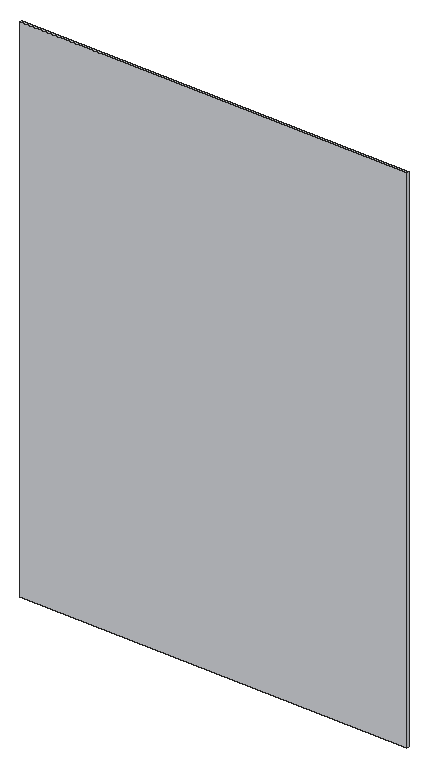
Revit family "CWP-Tetst", category Curtain Panels, Revit 2017
Family settings
  OmniClass Number = 23.25.20.14.11.11.17
  OmniClass Title = Infill Panels
  Always vertical = Yes
  Cut with Voids When Loaded = No
  Shared = No
Parameters
  mat [instance] = none
  Thickness = 20 mm
Reference planes
  plane 1 "Center (Front/Back)": y = 0
  plane 2: z = 0
  plane 3 "Center (Left/Right)": x = 0
  plane 4 "Left": x = -1500
  plane 5 "Right": x = 1500
  plane 6 "Top": z = 4000
  plane 7: y = 10
  plane 8: y = -10
Forms (mm)
  Extrusion 1, solid, material <- "mat"
    sketch origin (0, 0, 0) x (1, 0, 0) y (0, 1, 0)
      loop
        line (-1500, 10) -> (-1500, -10) -> (1500, -10) -> (1500, 10) -> (-1500, 10)
    from 0 to 4000
Text (mm)
  text "Exterior" at (-2351.972, 1416.179, 0), in view "Ref. Level"
  text "Exterior" at (0, 2290.741, 4406.713), in view "Left"
  text "Exterior" at (0, 1328.187, 4120.349), in view "Right"
Dimensions and locks
  equal spacing: plane 4 "Left", plane 3 "Center (Left/Right)", plane 5 "Right"
  equal spacing: plane 7, plane 1 "Center (Front/Back)", plane 8
  "Thickness": plane 7 to plane 8
  aligned and locked: level to plane 2
  aligned and locked: Extrusion 1 sketch curve to plane 7
  aligned and locked: Extrusion 1 sketch curve to plane 4 "Left"
  aligned and locked: plane 8 to Extrusion 1 sketch curve
  aligned and locked: plane 5 "Right" to Extrusion 1 sketch curve
  aligned and locked: Extrusion 1 to plane 6 "Top"
